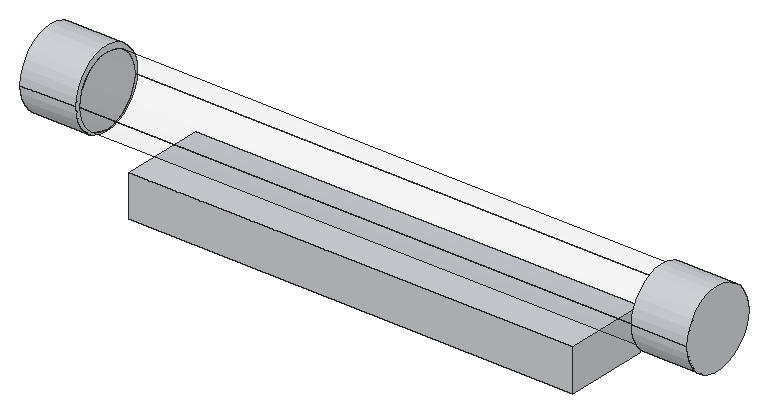
Revit family "5176", category Lighting Fixtures, Revit 2016
Family settings
  Part Type = Normal
  Round Connector Dimension = Use Diameter
  OmniClass Number = 23.80.70.00
  OmniClass Title = Lighting
  Work Plane-Based = No
  Always vertical = Yes
  Cut with Voids When Loaded = No
  Light Source = Yes
  Shared = No
  Room Calculation Point = No
Parameters
  Wattage = 12.1178 W
  built-in parameter 1150110 = 1 (stored number, unit not read)
  built-in parameter 1114217 = 1 (stored number, unit not read)
  built-in parameter 1150109 = 1 (stored number, unit not read)
  built-in parameter 1150134 = (empty or 0)
  built-in parameter 1150113 = 1 (stored number, unit not read)
  Lumens = 1800 lm
  built-in parameter 1150115 = 1 (stored number, unit not read)
  built-in parameter 1150105 = 143.24 (stored number, unit not read)
  Light Source Symbol Size = 2' - 0"
  built-in parameter 1150137 = (empty or 0)
  built-in parameter 1150139 = (empty or 0)
  built-in parameter 1150112 = 1 (stored number, unit not read)
  built-in parameter 1150114 = 1 (stored number, unit not read)
  built-in parameter 1150132 = 2
  built-in parameter 1150102 = (empty or 0)
  built-in parameter 1150138 = (empty or 0)
  built-in parameter 1150107 = 3000 (stored number, unit not read)
  built-in parameter 1150106 = 1.4324 (stored number, unit not read)
  built-in parameter 1150104 = 13.8 (stored number, unit not read)
  Dimming Lamp Color Temperature Shift = (empty or 0)
  Color Filter = 16777215
  built-in parameter 1114218 = 1 (stored number, unit not read)
  built-in parameter 1150133 = 10 (stored number, unit not read)
Reference planes (in)
  plane 1 "Light Source Axis (F/B)": y = 0
  plane 2: z = 0
  plane 3 "Light Source Axis (L/R)": x = 0
  plane 4 "Light Source Elevation": z = 54
  plane 5: x = -12
  plane 6: x = 12
  plane 7: x = -10
Forms (in)
  Extrusion 1, solid
    sketch origin (0, 0, 0.5) x (1, 0, 0) y (0, 0, 1)
      loop
        line (-8, -0.5) -> (8, -0.5) -> (8, 1) -> (-8, 1) -> (-8, -0.5)
    from 0 to 3
  Extrusion 2, solid
    sketch origin (-12, -180, -1.26811) x (0, 0, 1) y (0, -1, 0)
      loop
        circle (4.11594, -178.50168) r 1.375
    from 0 to 2
  Extrusion 3, solid, material "Brownlee Acrylic"
    sketch origin (-10, -180, 3.46314) x (0, 0, -1) y (0, -1, 0)
      loop
        circle (0.66512, -178.49345) r 1.25
    from -20.04665 to -0.04665
  Extrusion 4, solid
    sketch origin (12, -180, 0) x (0, 0, -1) y (0, -1, 0)
      loop
        circle (-2.84975, -178.49904) r 1.375
    from 0 to 2
Dimensions and locks (in)
  aligned and locked: plane 3 "Light Source Axis (L/R)" to imposter light
  aligned and locked: plane 1 "Light Source Axis (F/B)" to imposter light
  aligned and locked: plane 4 "Light Source Elevation" to imposter light
  aligned and locked: level to plane 2
